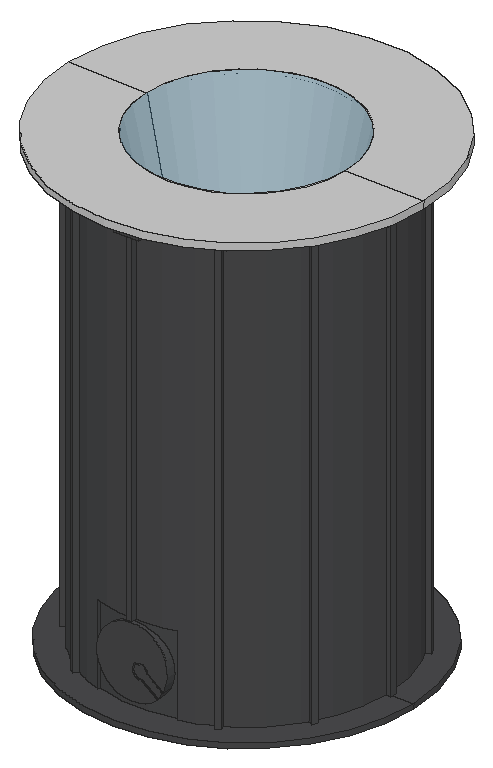
Revit family "LED COB INGROUND 12W_LKP0128WW.35", category Luminarias, Revit 2019
Family settings
  Cota de conector redondo = Diámetro de uso
  Tipo de pieza = Normal
  Se basa en plano de trabajo = Sí
  Siempre vertical = No
  Corte con vacíos al cargar = No
  Origen de luz = Sí
  Compartido = No
  Punto de cálculo de habitación = No
Parameters (values of type "EMP_LKP0128WW.35")
  Ángulo de inclinación = 100.00°
  Ángulo de enfoque = 35.00°
  Ángulo de campo de foco = 35.00°
  Zone [instance] = ""
  Watt per fixture = 14
  Wattage = 14 W
  built-in parameter 1150107 = 3000 (stored number, unit not read)
  built-in parameter 1150110 = 1 (stored number, unit not read)
  built-in parameter 1150109 = 1 (stored number, unit not read)
  built-in parameter 1150112 = 1 (stored number, unit not read)
  built-in parameter 1150113 = 1 (stored number, unit not read)
  built-in parameter 1114218 = 1 (stored number, unit not read)
  Keynote = ""
  built-in parameter 1150137 = (empty or 0)
  built-in parameter 1150132 = (empty or 0)
  Modelo = "LKP0128WW.35"
  Lámpara = "NICHIA"
  Longitud de símbolo de origen de luz = 500 mm
  built-in parameter 1150105 = 5847.2 (stored number, unit not read)
  built-in parameter 1150102 = (empty or 0)
  built-in parameter 1150106 = 58.472 (stored number, unit not read)
  Lumens = 1229.9 lm
  Color Filter = 16777215
  built-in parameter 1114217 = 1 (stored number, unit not read)
  built-in parameter 1150139 = (empty or 0)
  Fabricante = "BRILLANT"
  Default Elevation = 0 mm
  built-in parameter 1150104 = 8.1615 (stored number, unit not read)
  Descripción = "LUMINARIA TIPO CIRCULAR PARA EMPOTRAR EN PISO CON CUERPO DE ALUMINIO FUNDIDO A PRESION CUBIERTO CON POLVO GRIS OSCURO, CON CUBIERTA DE ACERO INOXIDABLE Y VIDRIO TEMPLADO DE 8MM, HOUSING TIPO ABS DE 155MM DE DIAMETRO Y 220MM DE PROFUNDO. CUENTA CON 12 LED COB TIPO NICHIA CON UNA POTENCIA TOTAL DE 14W, A UNA TEMPERATURA EN BLANCO CALIDO 3000K CON 1230 LUMENES, 102mA EN CORRIENTE DE OPERACIÓN, IP67, IK10, IRC 80, APERTURA EN 35 GRADOS POR PROYECTO, ALIMENTADA A 100-277V"
  built-in parameter 1150115 = 1 (stored number, unit not read)
  built-in parameter 1150114 = 1 (stored number, unit not read)
  Comentarios de vataje = "100-277V"
  built-in parameter 1150138 = (empty or 0)
  built-in parameter 1150134 = (empty or 0)
  Circuit [instance] = ""
  Dimming Lamp Color Temperature Shift = (empty or 0)
  built-in parameter 1150133 = 10 (stored number, unit not read)
Reference planes
  plane 1 "Centro (Frontal/Posterior)": y = 0
  plane 2: z = 0
  plane 3 "Centro (Izquierda/Derecha)": x = 0
  plane 4: z = -220
  plane 5: z = -128
  plane 6 "PEND": y = 20
  plane 7 "Centro I/E": y = -15
  plane 8: x = -77.5
  plane 9: x = 77.5
Forms (mm)
  Revolve 1, solid, material "Acero Inoxidable"
    sketch origin (0, 0, 0) x (1, 0, 0) y (0, 0, 1)
      loop
        line (-38.059, -45.88) -> (-48.546, 3.457) -> (-86.5, 3.457) -> (-86.5, 0) -> (-59, 0) -> (-59, -117.969) -> (0, -117.969) -> (0, -45.88) -> (-38.059, -45.88)
      axis (0, 3.457) -> (0, -117.969)
    angle from 0 to 360
  Extrusion 2, solid, material "Cristal"
    sketch origin (0, 0, 0) x (1, 0, 0) y (0, 1, 0)
      loop
        circle (0, 0) r 48.546
    from 1.93 to 3.457
  Extrusion 3, solid, material "Plastico"
    sketch origin (0, 0, 0) x (1, 0, 0) y (0, 1, 0)
      loop
        circle (0, 0) r 10
    from -128 to -123.044
  Extrusion 4, solid, material "Cobre"
    sketch origin (0, 0, 0) x (1, 0, 0) y (0, 1, 0)
      loop
        line (12.101, 0) -> (6.051, 10.48) -> (-6.051, 10.48) -> (-12.101, 0) -> (-6.051, -10.48) -> (6.051, -10.48) -> (12.101, 0)
    from -123.044 to -117.969
  Revolve 5, solid, material "Plastico"
    sketch origin (0, 0, 0) x (1, 0, 0) y (0, 0, 1)
      loop
        line (-77.5, -0.88) -> (-77.5, -4.48) -> (-69.055, -4.48) -> (-69.055, -217.5) -> (-81.5, -217.5) -> (-81.5, -220) -> (-30.747, -220) -> (0, -220) -> (0, -217.5) -> (-59.119, -217.5) -> (-59.119, -0.88) -> (-77.5, -0.88)
      axis (0, -0.88) -> (0, -220)
    angle from 0 to 360
  Extrusion 6, solid, material "Plastico"
    sketch origin (0, 0, 0) x (1, 0, 0) y (0, 1, 0)
      loop
        line (-69.04, 1.342) -> (-71.413, 1.342) -> (-71.413, -1.342) -> (-69.04, -1.342)
        arc (-69.04, -1.342) -> (-69.055, 0) -> (-69.04, 1.342) r 59.642
      loop
        line (-59.119, 35.682) -> (-61.196, 36.882) -> (-62.539, 34.557) -> (-60.461, 33.357)
        arc (-60.461, 33.357) -> (-59.803, 34.527) -> (-59.119, 35.682) r 59.642
      loop
        line (-33.357, 60.461) -> (-34.529, 62.491) -> (-36.854, 61.149) -> (-35.682, 59.119)
        arc (-35.682, 59.119) -> (-34.527, 59.803) -> (-33.357, 60.461) r 59.642
      loop
        line (1.342, 69.04) -> (1.342, 71.384) -> (-1.342, 71.384) -> (-1.342, 69.04)
        arc (-1.342, 69.04) -> (0, 69.055) -> (1.342, 69.04) r 59.642
      loop
        arc (69.04, 1.342) -> (69.055, 0) -> (69.04, -1.342) r 59.642
        line (69.04, -1.342) -> (71.413, -1.342) -> (71.413, 1.342) -> (69.04, 1.342)
      loop
        arc (59.119, 35.682) -> (59.803, 34.527) -> (60.461, 33.357) r 59.642
        line (60.461, 33.357) -> (62.539, 34.557) -> (61.196, 36.882) -> (59.119, 35.682)
      loop
        arc (33.357, 60.461) -> (34.527, 59.803) -> (35.682, 59.119) r 59.642
        line (35.682, 59.119) -> (36.854, 61.149) -> (34.529, 62.491) -> (33.357, 60.461)
      loop
        arc (-59.119, -35.682) -> (-59.803, -34.527) -> (-60.461, -33.357) r 59.642
        line (-60.461, -33.357) -> (-62.539, -34.557) -> (-61.196, -36.882) -> (-59.119, -35.682)
      loop
        arc (-33.357, -60.461) -> (-34.527, -59.803) -> (-35.682, -59.119) r 59.642
        line (-35.682, -59.119) -> (-36.854, -61.149) -> (-34.529, -62.491) -> (-33.357, -60.461)
      loop
        arc (1.342, -69.04) -> (0, -69.055) -> (-1.342, -69.04) r 59.642
        line (-1.342, -69.04) -> (-1.342, -71.384) -> (1.342, -71.384) -> (1.342, -69.04)
      loop
        line (59.119, -35.682) -> (61.196, -36.882) -> (62.539, -34.557) -> (60.461, -33.357)
        arc (60.461, -33.357) -> (59.803, -34.527) -> (59.119, -35.682) r 59.642
      loop
        line (33.357, -60.461) -> (34.529, -62.491) -> (36.854, -61.149) -> (35.682, -59.119)
        arc (35.682, -59.119) -> (34.527, -59.803) -> (33.357, -60.461) r 59.642
    from -217.5 to -4.48
  Extrusion 7, void
    sketch origin (3.125, 0, 0) x (1, 0, 0) y (0, 1, 0)
      loop
        circle (-3.125, -65.006) r 1.981
      loop
        circle (61.851, -0.03) r 1.981
      loop
        circle (-68.101, -0.03) r 1.981
      loop
        circle (-3.095, 64.976) r 1.981
    from -220 to -216.767
  Extrusion 8, void
    sketch origin (0, -11.405, 0) x (1, 0, 0) y (0, 1, 0)
      loop
        line (-1.342, -57.635) -> (-1.342, -59.979) -> (1.342, -59.979) -> (1.342, -57.635) -> (-1.342, -57.635)
    from -217.5 to -178.507
  Extrusion 9, void
    sketch origin (0, 0, 0) x (1, 0, 0) y (0, 1, 0)
      loop
        line (19.48, -67.947) -> (19.48, -64.931)
        arc (19.48, -64.931) -> (-0.004, -67.85) -> (-19.48, -64.872) r 65.829
        line (-19.48, -64.872) -> (-19.48, -67.609)
        arc (-19.48, -67.609) -> (-0.022, -70.266) -> (19.48, -67.947) r 77.5
    from -217.5 to -178.507
  Extrusion 10, solid, material "Plastico"
    sketch origin (0, 0, 0) x (1, 0, 0) y (0, 0, 1)
      loop
        arc (15.228, -205.467) -> (-13.875, -187.312) -> (12.384, -209.381) r 17.194
        line (12.384, -209.381) -> (4.761, -203.843)
        arc (4.761, -203.843) -> (0.929, -198.068) -> (7.605, -199.928) r 3.698
        line (7.605, -199.928) -> (15.228, -205.467)
      loop
        line (4.897, -203.076) -> (12.864, -208.865) -> (14.886, -206.083) -> (6.918, -200.294)
        arc (6.918, -200.294) -> (1.496, -198.48) -> (4.897, -203.076) r 2.998
    from 64.93 to 69.585
  Extrusion 11, solid, material "Plastico"
    sketch origin (0, 0, 0) x (1, 0, 0) y (0, 1, 0)
      loop
        line (-5.899, 73.187) -> (-5.899, 68.802)
        arc (-5.899, 68.802) -> (0, 69.055) -> (5.899, 68.802) r 69.055
        line (5.899, 68.802) -> (5.899, 73.187)
        arc (5.899, 73.187) -> (0, 73.439) -> (-5.899, 73.187) r 69.055
      loop
        arc (-5.899, -73.187) -> (0, -73.439) -> (5.899, -73.187) r 69.055
        line (5.899, -73.187) -> (5.899, -68.802)
        arc (5.899, -68.802) -> (0, -69.055) -> (-5.899, -68.802) r 69.055
        line (-5.899, -68.802) -> (-5.899, -73.187)
      loop
        arc (73.187, -5.899) -> (73.439, 0) -> (73.187, 5.899) r 69.055
        line (73.187, 5.899) -> (68.802, 5.899)
        arc (68.802, 5.899) -> (69.055, 0) -> (68.802, -5.899) r 69.055
        line (68.802, -5.899) -> (73.187, -5.899)
      loop
        line (-73.187, -5.899) -> (-68.802, -5.899)
        arc (-68.802, -5.899) -> (-69.055, 0) -> (-68.802, 5.899) r 69.055
        line (-68.802, 5.899) -> (-73.187, 5.899)
        arc (-73.187, 5.899) -> (-73.439, 0) -> (-73.187, -5.899) r 69.055
    from -10.055 to -4.48
Cuts and joins
  Extrusion 7, Extrusion 9 cuts Revolve 5
  Extrusion 7, Extrusion 8, Extrusion 9 cuts Revolve 1
  Extrusion 8 cuts Extrusion 6
Dimensions and locks
  plane 2 to plane 4 = 220 mm
  level to plane 4 = 220 mm
  level to Extrusion 3 = 128 mm
  plane 3 "Centro (Izquierda/Derecha)" to Revolve 5 sketch curve = 81.5 mm
  Revolve 1 sketch curve to Revolve 1 sketch curve = 86.5 mm
  Revolve 5 sketch curve to Revolve 5 sketch curve = 77.5 mm
  aligned and locked: level to plane 2
Connectors
  electrical at (0, 0, -220)
    settings: on cut or joined group of Revolve 5, Extrusion 7, Extrusion 9, index 1, voltage 277 V, apparent load 0 VA, apparent load phase1 0 VA, apparent load phase2 0 VA, apparent load phase3 0 VA, power factor 1, load classification "Otro", number of poles 1, system type 31, power factor state 1, is connector primary yes, connector utility no, sub classification motor no, connector description ""
